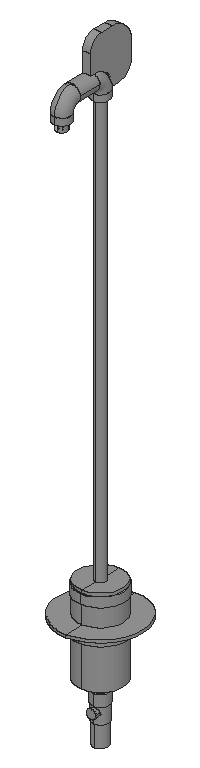
Revit family "Plumbing Fixture-Wall and Ground_Hydrant_Mifab_MHY-58", category Plumbing Fixtures, host Face, Revit 2013
Parameters
  WFU = 0
  URL = "www.mifab.com"
  Model = "MHY-58"
  Manufacturer = "MIFAB"
  Hydrant Material = Iron, Casting
  Description = "Roof Hydrant"
  Default Elevation = 0.000"
Reference planes (in)
  plane 1 "Center (Front/Back)": y = 0
  plane 2: z = 0
  plane 3 "Center (Left/Right)": x = 0
Forms (in)
  Revolve 1, solid, material "Iron, Casting" <- "Hydrant Material"
    sketch origin (0, 0, -150.125) x (0, 1, 0) y (0, 0, 1)
      loop
        line (-2.5, 150.125) -> (-2.5, 149) -> (-2.13317, 149) -> (-2.13317, 145) -> (-0.5, 145) -> (-0.5, 139.5) -> (-0.00817, 139.5) -> (-0.00817, 193.5) -> (-0.5, 193.5) -> (-0.5, 153.25) -> (-2.13317, 153.25) -> (-2.13317, 153) -> (-2.26271, 153) -> (-2.26271, 152.125) -> (-2.13317, 152.125) -> (-2.13317, 150.375) -> (-4, 150.375) -> (-4, 150.125) -> (-2.5, 150.125)
      axis (-0.00817, 193.5) -> (-0.00817, 139.5)
    angle from 0 to 360
  Revolve 2, solid, material "Iron, Casting" <- "Hydrant Material"
    sketch origin (0, 0, -150.125) x (0, 1, 0) y (0, 0, 1)
      loop
        line (0, 144) -> (-0.812, 144) -> (-0.812, 143.002) -> (-0.749, 143.002) -> (-0.749, 141.5038) -> (-0.687, 141.5038) -> (-0.687, 139.5) -> (0, 139.5) -> (0, 144)
      axis (0, 139.5) -> (0, 144)
    angle from 0 to 360
  Extrusion 3, solid, material "Iron, Casting" <- "Hydrant Material"
    sketch origin (0, 0, -150.125) x (1, 0, 0) y (0, 0, 1)
      loop
        circle (0, 142.4437) r 0.4214
    from 0 to 1.0669
  Revolve 4, solid, material "Iron, Casting" <- "Hydrant Material"
    sketch origin (0, 0, -150.125) x (0, 1, 0) y (0, 0, 1)
      loop
        line (-0.8125, 194.125) -> (-0.8125, 193.5) -> (0, 193.5) -> (0, 194.125) -> (-0.8125, 194.125)
      axis (0, 193.5) -> (0, 194.125)
    angle from 0 to 360
  Sweep 5, solid, material "Iron, Casting" <- "Hydrant Material"
    path origin (0, 0, -150.125) x (0, 1, 0) y (0, 0, 1)
      loop
        arc (0, 194.125) -> (-0.3295, 194.9205) -> (-1.125, 195.25) r 1.125
    profile origin (0, -0.3295, 44.7955) x (0, -0.707107, -0.707107) y (1, 0, 0)
      loop
        circle (0, 0) r 0.8125
  Revolve 6, solid, material "Iron, Casting" <- "Hydrant Material", detail levels fine
    sketch origin (0, -4.5, -150.125) x (0, -1, 0) y (0, 0, 1)
      loop
        line (-0.8125, 194.125) -> (-0.8125, 193.5) -> (0, 193.5) -> (0, 194.125) -> (-0.8125, 194.125)
      axis (0, 193.5) -> (0, 194.125)
    angle from 0 to 360
  Sweep 7, solid, material "Iron, Casting" <- "Hydrant Material", detail levels fine
    path origin (0, -4.5, -150.125) x (0, -1, 0) y (0, 0, 1)
      loop
        arc (0, 194.125) -> (-0.3295, 194.9205) -> (-1.125, 195.25) r 1.125
    profile origin (0, -4.1705, 44.7955) x (0, -0.707107, 0.707107) y (1, 0, 0)
      loop
        circle (0, 0) r 0.8125
  Revolve 8, solid, material "Iron, Casting" <- "Hydrant Material", detail levels fine
    sketch origin (0, 0, -150.125) x (0, 1, 0) y (0, 0, 1)
      loop
        line (-4.5, 193.5) -> (-4.5, 192.75) -> (-4, 192.75) -> (-4, 193.5) -> (-4.5, 193.5)
      axis (-4.5, 193.5) -> (-4.5, 192.75)
    angle from 0 to 360
  Extrusion 9, solid, material "Iron, Casting" <- "Hydrant Material", detail levels fine
    sketch origin (0, 0, -150.125) x (0, 1, 0) y (0, 0, 1)
      loop
        line (0.8125, 194.125) -> (1.6875, 194.125)
        arc (1.6875, 194.125) -> (2.65977, 194.52773) -> (3.0625, 195.5) r 1.375
        line (3.0625, 195.5) -> (3.0625, 197)
        arc (3.0625, 197) -> (2.4401, 198.5026) -> (0.9375, 199.125) r 2.125
        line (0.9375, 199.125) -> (-0.3125, 199.125)
        arc (-0.3125, 199.125) -> (-1.19638, 198.75888) -> (-1.5625, 197.875) r 1.25
        line (-1.5625, 197.875) -> (-1.5625, 196.0625) -> (-1.125, 196.0625)
        arc (-1.125, 196.0625) -> (0.24502, 195.49502) -> (0.8125, 194.125) r 1.9375
    from -0.375 to 0.375
  Extrusion 10, solid, material "Iron, Casting" <- "Hydrant Material", detail levels fine
    sketch origin (-0.83979, 0, 0) x (1, 0, 0) y (0, 0, 1)
      loop
        circle (0.83979, 45.125) r 0.8125
    from 1.125 to 3.375
  Extrusion 11, solid
    sketch origin (-8.22916, -180, -5.7) x (-1, 0, 0) y (0, -1, 0)
      loop
        circle (-8.22916, -175.5) r 0.5
    from 48.325 to 49.075
Cuts and joins
  joined: Extrusion 9, Extrusion 10
  joined: Revolve 1, Revolve 4, Sweep 5
  joined: Revolve 6, Sweep 7
Lines and regions (in)
  symbolic lines, style "PlumbingFixtures"
    curve 1: line (-3.38528, 1.0625, 0) -> (0.86472, 1.0625, 0)
    curve 2: line (-3.38528, -1.4375, 0) -> (-3.38528, 1.0625, 0)
    curve 3: line (0.86472, -1.4375, 0) -> (-3.38528, -1.4375, 0)
    curve 4: line (0.86472, 1.0625, 0) -> (0.86472, -1.4375, 0)
Dimensions and locks (in)
  curve 2 to curve 4 = 4.250"  (x2)
  curve 4 to curve 2 = 4.250"
  Revolve 1 sketch curve to Revolve 1 sketch curve = 2.49183"
  locked: Revolve 1 sketch curve to Revolve 1 sketch curve at 0.25
  locked: Revolve 1 sketch curve to Revolve 1 sketch curve at 2.125
  locked: Revolve 2 sketch curve to Revolve 2 sketch curve at 0.812
  locked: Revolve 2 sketch curve to Revolve 2 sketch curve at 0.998
  locked: Revolve 2 sketch curve to Revolve 2 sketch curve at 1.4982
  locked: Revolve 2 sketch curve to Revolve 2 sketch curve at 0.749
  locked: Revolve 2 sketch curve to Revolve 2 sketch curve at 0.687
  locked: Revolve 2 sketch curve to Revolve 1 at 10.625
  locked: Revolve 2 to Extrusion 3 sketch curve at 0.5583
  locked: Revolve 1 sketch curve to Revolve 1 sketch curve at 40.25
  locked: Revolve 4 sketch curve to Revolve 4 sketch curve at 0.8125
  locked: Revolve 4 sketch curve to Revolve 4 sketch curve at 0.625
  locked: Sweep 5 sketch curve to profile plane at 0
  locked: profile plane to Sweep 5 sketch curve at 0
  locked: Revolve 6 sketch curve to Revolve 6 sketch curve at 0.8125
  locked: Revolve 6 sketch curve to Revolve 6 sketch curve at 0.625
  locked: Sweep 7 sketch curve to profile plane at 0
  locked: profile plane to Sweep 7 sketch curve at 0
  locked: Revolve 8 sketch curve to Revolve 8 sketch curve at 0.5
  locked: Revolve 6 to Revolve 8 sketch curve at 0.75
  Extrusion 9 sketch curve to Extrusion 9 sketch curve = 0.875"
  Extrusion 9 sketch curve to Extrusion 9 sketch curve to Extrusion 9 sketch curve to Extrusion 9 sketch curve to Extrusion 9 sketch curve to Extrusion 9 sketch curve = 0.4375" locked, 0.8125" locked, 1.250" locked, 0.750" locked, 1.375" locked
  Extrusion 9 sketch curve to Extrusion 9 sketch curve to Extrusion 9 sketch curve to Extrusion 9 sketch curve to Extrusion 9 sketch curve to Extrusion 9 sketch curve = 0.000" locked, 1.375" locked, 1.500" locked, 0.875" locked, 1.250"
  locked: Extrusion 9 to Extrusion 9 at 0.75
  Extrusion 9 to Extrusion 9 = 0.750"
  aligned and locked: plane 2 to host face
  aligned and locked: level to host face
  aligned and locked: Revolve 6 to Sweep 7 sketch curve
  aligned and locked: Revolve 8 sketch curve to Revolve 6
  aligned and locked: Revolve 8 sketch curve to Revolve 8 sketch curve  (x2)
  aligned and locked: Revolve 4 to Extrusion 9 sketch curve
  aligned and locked: Extrusion 9 sketch curve to Sweep 5
  aligned and locked: Extrusion 10 to Sweep 7
  aligned and locked: Extrusion 10 to Sweep 5
  aligned and locked: Extrusion 11 sketch curve to Revolve 8  (x2)
  aligned and locked: Extrusion 11 to Revolve 8  (x2)
Connectors (in)
  piping at (0, 0, -10.625)
    settings: on Revolve 2, index 1, connector radius 1/2", flow factor 0, pipe flow 0 GPM, pressure drop 0.00 psi, fitting loss kfactor 0, connector angle 0.00°, fixture units 0, engagement length 0.000", flow configuration 0, flow direction 0, fitting loss method 0, system type 7, joint type 0, gender type 0, connector reference index -1, connector utility 0, adjustable connector no, is connector primary yes, fitting loss table "", connector description ""
  piping at (0, -4.5, 42.625)
    settings: on Extrusion 11, index 2, connector radius 3/8", flow factor 0, pipe flow 0 GPM, pressure drop 0.00 psi, fitting loss kfactor 0, connector angle 0.00°, fixture units 0, engagement length 0.000", flow configuration 0, flow direction 0, fitting loss method 0, system type 7, joint type 0, gender type 0, connector reference index -1, connector utility 0, adjustable connector no, is connector primary no, fitting loss table "", connector description "Male Hose"
